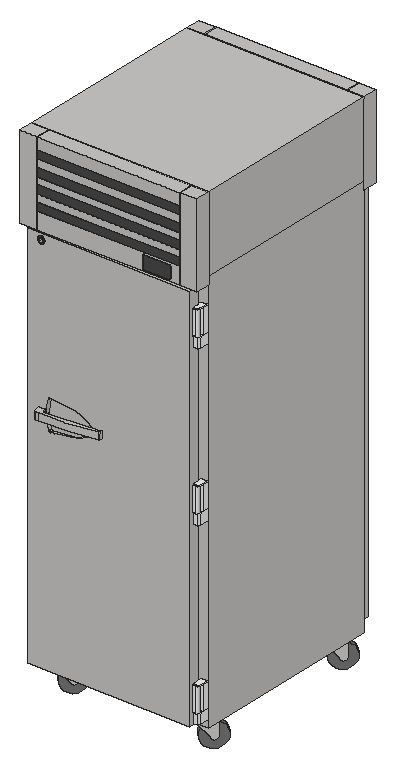
Revit family "QF_Turbo Air_PRO-26R-PT", category Specialty Equipment, Revit 2014
Parameters
  Width = 2' - 4 3/4"  # constant formula
  Weight in Pounds = 355
  Watermarked By = ""
  Volts = 115 V
  URL Cutsheet = ""
  URL = "www.turboairinc.com"
  Status [instance] = ""
  Specification by User [instance] = ""
  Specification by Manufacturer [instance] = ""
  Serial Number [instance] = ""
  Revision Code [instance] = ""
  Phase = 1
  Overall Height [instance] = Box Height + CasterLeg Height  # 6' - 11"
  Number of Poles [instance] = 1
  NAFEM Spec ID Number [instance] = ""
  Model = "PRO-26R-PT"
  Masterspec [instance] = ""
  Manufacturer = "Turbo Air"  # constant formula
  Door Height = 5' - 3 1/4"  # constant formula
  Description = "Refrigerator, Pass-Thru"
  Assembly Code = "E1090320"
  6 inch Legs [instance] = no
  Item Number [instance] = "-"
  Installed By [instance] = ""
  HP = "1/3"
  Furnished By [instance] = ""
  Foodservice Equipment Identifier = yes
  FL Amps = 5.2 A
  Electrical Remarks [instance] = ""
  Electric Connection Type = ""
  Elec Conn RI Height [instance] = 0' - 0"
  Elec Conn Connection Height = 6' - 4 7/8"
  Cycle = 60 Hz
  Conn Plug = "NEMA 5-15P"
  Casters [instance] = not([6 inch Legs])  # yes
  CasterLeg Height [instance] = if(or([5 inch Casters], [6 inch Legs]), 0' 6", 0' 5")  # 0' - 5"
  CSI MasterFormat = "11 41 13"
  Box Height = 6' - 6"  # constant formula
  Apparent Power = if(Phase = 3, Volts * FL Amps * 1.73, Volts * FL Amps)  # 598 VA
  5 inch Casters [instance] = no
Reference planes (in)
  plane 1 "Box Back": y = 0
  plane 2: z = 0
  plane 3 "LEFT": x = -16.56573
  plane 4 "RIGHT": x = 12.18427
  plane 5 "FRONT": y = -33.875
  plane 6 "Box Front": y = -31.5
  plane 7 "Door Clearance": y = -60.875
  plane 8 "TOP": z = 83
  plane 9 "Box Bottom": z = 5
  plane 10 "Door Bottom": z = 5.875
  plane 11 "Door Top": z = 69.125
  plane 12 "Inside Left": x = -14.56573
  plane 13 "Inside Right": x = 10.18427
  plane 14 "Inside Back": y = -2
  plane 15 "Inside Front": y = -29.5
  plane 16 "Inside Top": z = 70.75
  plane 17 "Center LR": x = -2.19073
  plane 18 "Cowl Bottom": z = 69.5
  plane 19 "Door Left Hinge": x = -15.31573
  plane 20 "Door Right Hinge": x = 10.93427
  plane 21 "BACK": y = 2.375
  plane 22 "Center FB": y = -15.75
Forms (in)
  Extrusion 1, solid, material "QF_Stainless-Polished"
    sketch origin (0, 0, 5) x (0, 1, 0) y (-1, 0, 0)
      loop
        line (-31.5, 16.56573) -> (-31.5, 13.81573) -> (-29.5, 13.81573) -> (-29.5, 14.56573) -> (-2, 14.56573) -> (-2, 13.81573) -> (0, 13.81573) -> (0, 16.56573) -> (-31.5, 16.56573)
      loop
        line (-2, -10.18427) -> (-29.5, -10.18427) -> (-29.5, -9.43427) -> (-31.5, -9.43427) -> (-31.5, -12.18427) -> (0, -12.18427) -> (0, -9.43427) -> (-2, -9.43427) -> (-2, -10.18427)
    from 0 to 65.75
  Extrusion 2, solid, material "QF_Stainless-Polished"
    sketch origin (-14.56573, 0, 0) x (0, 1, 0) y (0, 0, 1)
      loop
        line (-29.5, 7.75) -> (-29.5, 5) -> (-2, 5) -> (-2, 7.75) -> (-29.5, 7.75)
      loop
        line (-29.5, 70.75) -> (-29.5, 69.375) -> (-2, 69.375) -> (-2, 70.75) -> (-29.5, 70.75)
    from 0 to 24.75
  Extrusion 3, solid, material "QF_Stainless-Polished"
    sketch origin (-14.56573, 0, 0) x (0, 1, 0) y (0, 0, 1)
      loop
        line (-29.5, 5) -> (-29.5, 8.25) -> (-31.5, 8.25) -> (-31.5, 5) -> (-29.5, 5)
      loop
        line (-31.5, 70.75) -> (-31.5, 67) -> (-29.5, 67) -> (-29.5, 70.75) -> (-31.5, 70.75)
    from 0.75 to 24
  Extrusion 4, solid, material "QF_Stainless-Polished"
    sketch origin (0, 0, 83) x (0, 1, 0) y (-1, 0, 0)
      loop
        line (0, 16.56573) -> (-31.5, 16.56573) -> (-31.5, -12.18427) -> (0, -12.18427) -> (0, 16.56573)
    from 0 to -12.25
  Extrusion 5, solid, material "QF_Plastic-Black-Fine Textured"
    sketch origin (0, -31.5, 0) x (1, 0, 0) y (0, 0, 1)
      loop
        line (-14.31573, 67.75) -> (-14.31573, 7.25) -> (9.93427, 7.25) -> (9.93427, 67.75) -> (-14.31573, 67.75)
      loop
        line (-14.56573, 7) -> (10.18427, 7) -> (10.18427, 68) -> (-14.56573, 68) -> (-14.56573, 7)
    from 0 to 0.625
  Extrusion 6, solid, material "QF_Stainless-Polished"
    sketch origin (0, -31.5, 0) x (1, 0, 0) y (0, 0, 1)
      loop
        line (-16.56573, 83) -> (-16.56573, 69.5) -> (-13.75323, 69.5) -> (-13.75323, 83) -> (-16.56573, 83)
      loop
        line (12.18427, 83) -> (9.37177, 83) -> (9.37177, 69.5) -> (12.18427, 69.5) -> (12.18427, 83)
    from 0 to 2.375
  Extrusion 7, solid, material "QF_Stainless-Polished"
    sketch origin (0, -31.5, 0) x (1, 0, 0) y (0, 0, 1)
      loop
        line (-13.75323, 83) -> (-13.75323, 81) -> (9.37177, 81) -> (9.37177, 83) -> (-13.75323, 83)
      loop
        line (-13.75323, 69.5) -> (9.37177, 69.5) -> (9.37177, 72.25) -> (-13.75323, 72.25) -> (-13.75323, 69.5)
      loop
        arc (7.87177, 71.75) -> (7.81686, 71.88258) -> (7.68427, 71.9375) r 0.1875
        line (7.68427, 71.9375) -> (3.55927, 71.9375)
        arc (3.55927, 71.9375) -> (3.42669, 71.88258) -> (3.37177, 71.75) r 0.1875
        line (3.37177, 71.75) -> (3.37177, 69.9375)
        arc (3.37177, 69.9375) -> (3.42669, 69.80492) -> (3.55927, 69.75) r 0.1875
        line (3.55927, 69.75) -> (7.68427, 69.75)
        arc (7.68427, 69.75) -> (7.81686, 69.80492) -> (7.87177, 69.9375) r 0.1875
        line (7.87177, 69.9375) -> (7.87177, 71.75)
    from 0 to 2.375
  Extrusion 8, solid, material "QF_Stainless-Polished"
    sketch origin (0, -31.5, 0) x (1, 0, 0) y (0, 0, 1)
      loop
        line (-13.75323, 79.6875) -> (-13.75323, 78.5625) -> (9.37177, 78.5625) -> (9.37177, 79.6875) -> (-13.75323, 79.6875)
      loop
        line (9.37177, 77.1875) -> (-13.75323, 77.1875) -> (-13.75323, 76.0625) -> (9.37177, 76.0625) -> (9.37177, 77.1875)
      loop
        line (9.37177, 74.6875) -> (-13.75323, 74.6875) -> (-13.75323, 73.5625) -> (9.37177, 73.5625) -> (9.37177, 74.6875)
    from 0 to 2.375
  Extrusion 9, solid, material "QF_Plastic-Black-Fine Textured"
    sketch origin (0, -31.5, 0) x (1, 0, 0) y (0, 0, 1)
      loop
        line (-13.75323, 81) -> (-13.75323, 79.6875) -> (9.37177, 79.6875) -> (9.37177, 81) -> (-13.75323, 81)
      loop
        line (-13.75323, 78.5625) -> (-13.75323, 77.1875) -> (9.37177, 77.1875) -> (9.37177, 78.5625) -> (-13.75323, 78.5625)
      loop
        line (-13.75323, 76.0625) -> (-13.75323, 74.6875) -> (9.37177, 74.6875) -> (9.37177, 76.0625) -> (-13.75323, 76.0625)
      loop
        line (-13.75323, 73.5625) -> (-13.75323, 72.25) -> (9.37177, 72.25) -> (9.37177, 73.5625) -> (-13.75323, 73.5625)
    from 0 to 2.375
  Extrusion 10, solid, material "QF_Plastic-Black-Fine Textured"
    sketch origin (0, -31.5, 0) x (1, 0, 0) y (0, 0, 1)
      loop
        arc (3.55927, 71.9375) -> (3.42669, 71.88258) -> (3.37177, 71.75) r 0.1875
        line (3.37177, 71.75) -> (3.37177, 69.9375)
        arc (3.37177, 69.9375) -> (3.42669, 69.80492) -> (3.55927, 69.75) r 0.1875
        line (3.55927, 69.75) -> (7.68427, 69.75)
        arc (7.68427, 69.75) -> (7.81686, 69.80492) -> (7.87177, 69.9375) r 0.1875
        line (7.87177, 69.9375) -> (7.87177, 71.75)
        arc (7.87177, 71.75) -> (7.81686, 71.88258) -> (7.68427, 71.9375) r 0.1875
        line (7.68427, 71.9375) -> (3.55927, 71.9375)
    from 0 to 2.375
  Extrusion 11, solid, material "QF_Clearance", detail levels coarse+medium
    sketch origin (0, 0, 5.875) x (0, 1, 0) y (-1, 0, 0)
      loop
        arc (-33.875, 16.56573) -> (-53.29595, 7.75127) -> (-60.875, -12.18427) r 28
        line (-60.875, -12.18427) -> (-33.875, -12.18427) -> (-33.875, 16.56573)
    from 0 to 63.25
  Extrusion 12, solid, material "QF_Stainless-Polished"
    sketch origin (0, -2, 0) x (1, 0, 0) y (0, 0, 1)
      loop
        line (10.18427, 69.375) -> (-11.50323, 69.375) -> (-11.50323, 68.125) -> (-1.06573, 68.125) -> (8.93427, 65.625) -> (10.18427, 65.625) -> (10.18427, 69.375)
    from 0 to 27.5
  Extrusion 13, solid, material "QF_Stainless-Polished"
    sketch origin (0, -15.75, 0) x (-1, 0, 0) y (0, 0, 1)
      loop
        line (-8.93427, 65.625) -> (-10.18427, 65.625) -> (-10.18427, 28.875) -> (-8.93427, 28.875) -> (-8.93427, 65.625)
    from 0.25 to -0.25
  Extrusion 14, solid, material "QF_Stainless-Polished"
    sketch origin (0, 0, 0) x (1, 0, 0) y (0, 0, 1)
      loop
        line (-16.56573, 83) -> (-16.56573, 69.5) -> (-13.75323, 69.5) -> (-13.75323, 83) -> (-16.56573, 83)
      loop
        line (12.18427, 83) -> (9.37177, 83) -> (9.37177, 69.5) -> (12.18427, 69.5) -> (12.18427, 83)
    from 0 to -2.375
  Extrusion 15, solid, material "QF_Plastic-Black-Fine Textured"
    sketch origin (0, 0, 0) x (1, 0, 0) y (0, 0, 1)
      loop
        line (-13.75323, 81) -> (-13.75323, 79.6875) -> (9.37177, 79.6875) -> (9.37177, 81) -> (-13.75323, 81)
      loop
        line (-13.75323, 78.5625) -> (-13.75323, 77.1875) -> (9.37177, 77.1875) -> (9.37177, 78.5625) -> (-13.75323, 78.5625)
      loop
        line (-13.75323, 76.0625) -> (-13.75323, 74.6875) -> (9.37177, 74.6875) -> (9.37177, 76.0625) -> (-13.75323, 76.0625)
      loop
        line (-13.75323, 73.5625) -> (-13.75323, 72.25) -> (9.37177, 72.25) -> (9.37177, 73.5625) -> (-13.75323, 73.5625)
    from 0 to -2.375
  Extrusion 16, solid, material "QF_Plastic-Black-Fine Textured"
    sketch origin (0, 0, 0) x (1, 0, 0) y (0, 0, 1)
      loop
        arc (3.55927, 71.9375) -> (3.42669, 71.88258) -> (3.37177, 71.75) r 0.1875
        line (3.37177, 71.75) -> (3.37177, 69.9375)
        arc (3.37177, 69.9375) -> (3.42669, 69.80492) -> (3.55927, 69.75) r 0.1875
        line (3.55927, 69.75) -> (7.68427, 69.75)
        arc (7.68427, 69.75) -> (7.81686, 69.80492) -> (7.87177, 69.9375) r 0.1875
        line (7.87177, 69.9375) -> (7.87177, 71.75)
        arc (7.87177, 71.75) -> (7.81686, 71.88258) -> (7.68427, 71.9375) r 0.1875
        line (7.68427, 71.9375) -> (3.55927, 71.9375)
    from 0 to -2.375
  Extrusion 17, solid, material "QF_Stainless-Polished"
    sketch origin (-14.56573, -31.5, 0) x (0, -1, 0) y (0, 0, -1)
      loop
        line (-29.5, -5) -> (-31.5, -5) -> (-31.5, -8.25) -> (-29.5, -8.25) -> (-29.5, -5)
      loop
        line (-31.5, -70.75) -> (-29.5, -70.75) -> (-29.5, -67) -> (-31.5, -67) -> (-31.5, -70.75)
    from 0.75 to 24
  Extrusion 18, solid, material "QF_Stainless-Polished"
    sketch origin (0, 0, 0) x (1, 0, 0) y (0, 0, 1)
      loop
        line (9.37177, 83) -> (-13.75323, 83) -> (-13.75323, 81) -> (9.37177, 81) -> (9.37177, 83)
      loop
        line (9.37177, 72.25) -> (-13.75323, 72.25) -> (-13.75323, 69.5) -> (9.37177, 69.5) -> (9.37177, 72.25)
      loop
        line (7.87177, 69.9375) -> (7.87177, 71.75)
        arc (7.87177, 71.75) -> (7.81686, 71.88258) -> (7.68427, 71.9375) r 0.1875
        line (7.68427, 71.9375) -> (3.55927, 71.9375)
        arc (3.55927, 71.9375) -> (3.42669, 71.88258) -> (3.37177, 71.75) r 0.1875
        line (3.37177, 71.75) -> (3.37177, 69.9375)
        arc (3.37177, 69.9375) -> (3.42669, 69.80492) -> (3.55927, 69.75) r 0.1875
        line (3.55927, 69.75) -> (7.68427, 69.75)
        arc (7.68427, 69.75) -> (7.81686, 69.80492) -> (7.87177, 69.9375) r 0.1875
    from 0 to -2.375
  Extrusion 19, solid, material "QF_Clearance", detail levels coarse+medium
    sketch origin (-4.38145, -31.5, 5.875) x (0, -1, 0) y (1, 0, 0)
      loop
        arc (-33.875, 16.56573) -> (-53.29595, 7.75127) -> (-60.875, -12.18427) r 28
        line (-60.875, -12.18427) -> (-33.875, -12.18427) -> (-33.875, 16.56573)
    from 0 to 63.25
  Extrusion 20, solid, material "QF_Plastic-Black-Fine Textured"
    sketch origin (0, 0, 0) x (1, 0, 0) y (0, 0, 1)
      loop
        line (10.18427, 68) -> (-14.56573, 68) -> (-14.56573, 7) -> (10.18427, 7) -> (10.18427, 68)
      loop
        line (-14.31573, 67.75) -> (-14.31573, 7.25) -> (9.93427, 7.25) -> (9.93427, 67.75) -> (-14.31573, 67.75)
    from 0 to -0.625
  Extrusion 21, solid, material "QF_Stainless-Polished"
    sketch origin (0, 0, 0) x (1, 0, 0) y (0, 0, 1)
      loop
        line (9.37177, 79.6875) -> (-13.75323, 79.6875) -> (-13.75323, 78.5625) -> (9.37177, 78.5625) -> (9.37177, 79.6875)
      loop
        line (9.37177, 77.1875) -> (-13.75323, 77.1875) -> (-13.75323, 76.0625) -> (9.37177, 76.0625) -> (9.37177, 77.1875)
      loop
        line (9.37177, 74.6875) -> (-13.75323, 74.6875) -> (-13.75323, 73.5625) -> (9.37177, 73.5625) -> (9.37177, 74.6875)
    from 0 to -2.375
Lines and regions (in)
  symbolic lines
    curve 1: line (-16.56573, 2.375, 83) -> (12.18427, 2.375, 83)
    curve 2: line (-16.56573, -33.875, 83) -> (-16.56573, 2.375, 83)
    curve 3: line (12.18427, -33.875, 83) -> (-16.56573, -33.875, 83)
    curve 4: line (12.18427, 2.375, 83) -> (12.18427, -33.875, 83)
  symbolic lines, style "QF_Clearances_Door_Drawer", detail levels coarse+medium
    curve 5: arc (-16.56573, -33.875, 5.875) -> (-7.75127, -53.29595, 5.875) -> (12.18427, -60.875, 5.875) r 28
    curve 6: line (12.18427, -60.875, 5.875) -> (12.18427, -33.875, 5.875)
    curve 7: line (-16.56573, 29.375, 5.875) -> (-16.56573, 2.375, 5.875)
    curve 8: arc (12.18427, 2.375, 5.875) -> (3.36982, 21.79595, 5.875) -> (-16.56573, 29.375, 5.875) r 28
Dimensions and locks (in)
  "Width": plane 4 "RIGHT" to plane 3 "LEFT"
  plane 5 "FRONT" to plane 6 "Box Front" = 0' - 2 3/8"
  locked: plane 7 "Door Clearance" to plane 5 "FRONT" at 27
  "CasterLeg Height": plane 9 "Box Bottom" to level
  locked: plane 10 "Door Bottom" to plane 9 "Box Bottom" at 0.875
  "Box Height": plane 8 "TOP" to plane 9 "Box Bottom"
  locked: plane 8 "TOP" to plane 11 "Door Top" at 13.875
  locked: plane 3 "LEFT" to plane 12 "Inside Left" at 2
  locked: plane 13 "Inside Right" to plane 4 "RIGHT" at 2
  locked: plane 14 "Inside Back" to plane 1 "Box Back" at 2
  plane 6 "Box Front" to plane 15 "Inside Front" = 0' - 2"
  locked: plane 12 "Inside Left" to Extrusion 1 sketch curve at 0.75
  locked: Extrusion 1 sketch curve to plane 13 "Inside Right" at 0.75
  locked: plane 8 "TOP" to plane 16 "Inside Top" at 12.25
  locked: plane 9 "Box Bottom" to Extrusion 2 sketch curve at 2.75
  locked: Extrusion 3 sketch curve to plane 9 "Box Bottom" at 3.25
  locked: plane 16 "Inside Top" to Extrusion 2 sketch curve at 1.375
  locked: Extrusion 3 sketch curve to plane 16 "Inside Top" at 3.75
  equal spacing: plane 3 "LEFT", plane 17 "Center LR", plane 4 "RIGHT"
  locked: Extrusion 5 sketch curve to Extrusion 5 sketch curve at 0.25  (x4)
  locked: Extrusion 5 sketch curve to plane 3 "LEFT" at 2
  locked: Extrusion 5 sketch curve to plane 4 "RIGHT" at 2
  locked: plane 11 "Door Top" to Extrusion 5 sketch curve at 1.125
  locked: Extrusion 5 sketch curve to plane 10 "Door Bottom" at 1.125
  locked: plane 18 "Cowl Bottom" to plane 11 "Door Top" at 0.375
  locked: plane 3 "LEFT" to nested 1 at 3
  locked: nested 1 to plane 1 "Box Back" at 2.5
  locked: plane 3 "LEFT" to nested 2 at 3
  locked: plane 6 "Box Front" to nested 2 at 2.8125
  locked: nested 3 to plane 4 "RIGHT" at 3
  locked: nested 3 to plane 1 "Box Back" at 2.5
  locked: nested 4 to plane 4 "RIGHT" at 3
  locked: plane 6 "Box Front" to nested 4 at 2.8125
  locked: plane 3 "LEFT" to Extrusion 6 sketch curve at 2.8125
  locked: Extrusion 6 sketch curve to plane 4 "RIGHT" at 2.8125
  locked: Extrusion 7 sketch curve to plane 3 "LEFT" at 2.8125  (x2)
  locked: plane 8 "TOP" to Extrusion 7 sketch curve at 2
  locked: Extrusion 7 sketch curve to plane 4 "RIGHT" at 2.8125  (x2)
  locked: Extrusion 7 sketch curve to plane 18 "Cowl Bottom" at 2.75
  locked: Extrusion 7 sketch curve to Extrusion 7 sketch curve at 4.5
  locked: Extrusion 7 sketch curve to plane 4 "RIGHT" at 4.3125
  locked: Extrusion 7 sketch curve to Extrusion 7 sketch curve at 2.1875
  locked: Extrusion 7 sketch curve to Extrusion 7 sketch curve at 0.3125
  locked: Extrusion 8 sketch curve to plane 3 "LEFT" at 2.8125  (x3)
  locked: Extrusion 8 sketch curve to plane 4 "RIGHT" at 2.8125  (x3)
  locked: plane 8 "TOP" to Extrusion 8 sketch curve at 3.3125
  locked: Extrusion 8 sketch curve to Extrusion 8 sketch curve at 1.125  (x3)
  locked: Extrusion 8 sketch curve to Extrusion 8 sketch curve at 1.375  (x2)
  locked: plane 3 "LEFT" to plane 19 "Door Left Hinge" at 1.25
  locked: plane 20 "Door Right Hinge" to plane 4 "RIGHT" at 1.25
  locked: plane 6 "Box Front" to plane 1 "Box Back" at 31.5
  locked: plane 1 "Box Back" to plane 21 "BACK" at 2.375
  locked: Extrusion 12 sketch curve to Extrusion 12 sketch curve at 1.25
  locked: Extrusion 12 sketch curve to Extrusion 12 sketch curve at 3.75
  locked: Extrusion 13 sketch curve to Extrusion 13 sketch curve at 36.75
  equal spacing: plane 6 "Box Front", plane 22 "Center FB", plane 1 "Box Back"
  locked: plane 4 "RIGHT" to Extrusion 14 sketch curve at 2.8125
  locked: Extrusion 14 sketch curve to plane 3 "LEFT" at 2.8125
  locked: Extrusion 15 sketch curve to plane 8 "TOP" at 2
  locked: Extrusion 15 sketch curve to Extrusion 15 sketch curve at 1.3125  (x2)
  locked: Extrusion 15 sketch curve to Extrusion 15 sketch curve at 1.125  (x3)
  locked: Extrusion 15 sketch curve to Extrusion 15 sketch curve at 1.375  (x2)
  locked: plane 4 "RIGHT" to Extrusion 15 sketch curve at 2.8125  (x4)
  locked: plane 3 "LEFT" to Extrusion 15 sketch curve at 2.8125  (x4)
  locked: Extrusion 16 sketch curve to Extrusion 16 sketch curve at 2.1875
  locked: plane 18 "Cowl Bottom" to Extrusion 16 sketch curve at 0.25
  locked: plane 4 "RIGHT" to Extrusion 16 sketch curve at 4.3125
  locked: Extrusion 16 sketch curve to Extrusion 16 sketch curve at 4.5
  locked: plane 3 "LEFT" to Extrusion 1 sketch curve at 2.75
  locked: Extrusion 1 sketch curve to plane 4 "RIGHT" at 2.75
  locked: plane 16 "Inside Top" to Extrusion 17 sketch curve at 3.75
  locked: Extrusion 17 sketch curve to plane 9 "Box Bottom" at 3.25
  locked: Extrusion 18 sketch curve to plane 4 "RIGHT" at 2.8125  (x2)
  locked: Extrusion 18 sketch curve to plane 3 "LEFT" at 2.8125  (x2)
  locked: Extrusion 18 sketch curve to plane 8 "TOP" at 2
  locked: plane 18 "Cowl Bottom" to Extrusion 18 sketch curve at 2.75
  locked: Extrusion 18 sketch curve to Extrusion 18 sketch curve at 2.1875
  locked: plane 18 "Cowl Bottom" to Extrusion 18 sketch curve at 0.25
  locked: Extrusion 18 sketch curve to Extrusion 18 sketch curve at 4.5
  locked: Extrusion 18 sketch curve to plane 4 "RIGHT" at 4.3125
  locked: Extrusion 20 sketch curve to Extrusion 20 sketch curve at 0.25  (x4)
  locked: plane 20 "Door Right Hinge" to Extrusion 20 sketch curve at 0.75
  locked: Extrusion 20 sketch curve to plane 19 "Door Left Hinge" at 0.75
  locked: Extrusion 20 sketch curve to plane 11 "Door Top" at 1.125
  locked: plane 10 "Door Bottom" to Extrusion 20 sketch curve at 1.125
  locked: Extrusion 21 sketch curve to plane 4 "RIGHT" at 2.8125  (x3)
  locked: Extrusion 21 sketch curve to plane 8 "TOP" at 3.3125
  locked: Extrusion 21 sketch curve to Extrusion 21 sketch curve at 1.125  (x3)
  locked: Extrusion 21 sketch curve to Extrusion 21 sketch curve at 1.375  (x2)
  locked: Extrusion 21 sketch curve to plane 3 "LEFT" at 2.8125  (x3)
  aligned and locked: level to plane 2
  aligned and locked: Extrusion 1 sketch curve to plane 3 "LEFT"
  aligned and locked: plane 12 "Inside Left" to Extrusion 1 sketch curve
  aligned and locked: Extrusion 1 sketch curve to plane 13 "Inside Right"
  aligned and locked: plane 4 "RIGHT" to Extrusion 1 sketch curve
  aligned and locked: plane 14 "Inside Back" to Extrusion 1 sketch curve  (x2)
  aligned and locked: Extrusion 1 sketch curve to plane 1 "Box Back"  (x2)
  aligned and locked: Extrusion 1 sketch curve to plane 15 "Inside Front"  (x2)
  aligned and locked: plane 6 "Box Front" to Extrusion 1 sketch curve  (x2)
  aligned and locked: plane 16 "Inside Top" to Extrusion 1
  aligned and locked: plane 9 "Box Bottom" to Extrusion 2 sketch curve
  aligned and locked: plane 15 "Inside Front" to Extrusion 2 sketch curve
  aligned and locked: plane 14 "Inside Back" to Extrusion 2 sketch curve  (x2)
  aligned and locked: plane 13 "Inside Right" to Extrusion 2
  aligned and locked: plane 6 "Box Front" to Extrusion 3 sketch curve  (x2)
  aligned and locked: Extrusion 3 sketch curve to plane 9 "Box Bottom"
  aligned and locked: Extrusion 3 sketch curve to plane 15 "Inside Front"  (x2)
  aligned and locked: Extrusion 3 to Extrusion 1  (x2)
  aligned and locked: Extrusion 2 sketch curve to plane 16 "Inside Top"
  aligned and locked: Extrusion 2 sketch curve to plane 15 "Inside Front"
  aligned and locked: plane 16 "Inside Top" to Extrusion 3 sketch curve
  aligned and locked: plane 1 "Box Back" to Extrusion 4 sketch curve
  aligned and locked: plane 3 "LEFT" to Extrusion 4 sketch curve
  aligned and locked: Extrusion 4 sketch curve to plane 6 "Box Front"
  aligned and locked: Extrusion 4 sketch curve to plane 4 "RIGHT"
  aligned and locked: Extrusion 4 to plane 16 "Inside Top"
  aligned and locked: plane 5 "FRONT" to Extrusion 6
  aligned and locked: plane 3 "LEFT" to curve 2
  aligned and locked: curve 3 to plane 5 "FRONT"
  aligned and locked: curve 4 to plane 4 "RIGHT"
  aligned and locked: plane 18 "Cowl Bottom" to Extrusion 6 sketch curve
  aligned and locked: plane 3 "LEFT" to Extrusion 6 sketch curve
  aligned and locked: Extrusion 6 sketch curve to plane 8 "TOP"
  aligned and locked: plane 8 "TOP" to Extrusion 6 sketch curve
  aligned and locked: plane 4 "RIGHT" to Extrusion 6 sketch curve
  aligned and locked: Extrusion 6 sketch curve to plane 18 "Cowl Bottom"
  aligned and locked: Extrusion 7 sketch curve to plane 8 "TOP"
  aligned and locked: plane 18 "Cowl Bottom" to Extrusion 7 sketch curve
  aligned and locked: plane 5 "FRONT" to Extrusion 7
  aligned and locked: plane 5 "FRONT" to Extrusion 8
  aligned and locked: Extrusion 9 sketch curve to Extrusion 7  (x4)
  aligned and locked: Extrusion 9 sketch curve to Extrusion 8  (x12)
  aligned and locked: plane 5 "FRONT" to Extrusion 9
  aligned and locked: Extrusion 10 sketch curve to Extrusion 7  (x4)
  aligned and locked: plane 5 "FRONT" to Extrusion 10
  aligned and locked: plane 6 "Box Front" to nested 5
  aligned and locked: plane 19 "Door Left Hinge" to nested 5
  aligned and locked: nested 5 to plane 10 "Door Bottom"
  aligned and locked: plane 11 "Door Top" to nested 5
  aligned and locked: plane 11 "Door Top" to Extrusion 11
  aligned and locked: plane 15 "Inside Front" to Extrusion 12
  aligned and locked: Extrusion 14 sketch curve to plane 8 "TOP"
  aligned and locked: Extrusion 14 sketch curve to plane 4 "RIGHT"
  aligned and locked: plane 18 "Cowl Bottom" to Extrusion 14 sketch curve
  aligned and locked: Extrusion 14 sketch curve to plane 18 "Cowl Bottom"
  aligned and locked: Extrusion 14 sketch curve to plane 3 "LEFT"
  aligned and locked: plane 8 "TOP" to Extrusion 14 sketch curve
  aligned and locked: Extrusion 14 to plane 21 "BACK"
  aligned and locked: Extrusion 15 to plane 21 "BACK"
  aligned and locked: Extrusion 16 to plane 21 "BACK"
  aligned and locked: Extrusion 17 to Extrusion 1
  aligned and locked: plane 16 "Inside Top" to Extrusion 17 sketch curve
  aligned and locked: plane 14 "Inside Back" to Extrusion 17 sketch curve  (x2)
  aligned and locked: Extrusion 17 sketch curve to plane 1 "Box Back"  (x2)
  aligned and locked: Extrusion 17 sketch curve to plane 9 "Box Bottom"
  aligned and locked: Extrusion 18 sketch curve to plane 8 "TOP"
  aligned and locked: plane 18 "Cowl Bottom" to Extrusion 18 sketch curve
  aligned and locked: Extrusion 18 to plane 21 "BACK"
  aligned and locked: nested 6 to plane 10 "Door Bottom"
  aligned and locked: nested 6 to plane 3 "LEFT"
  aligned and locked: Extrusion 21 to plane 21 "BACK"
  aligned and locked: plane 21 "BACK" to curve 1
Automatic sketch dimensions
  curve 5 to plane 4 "RIGHT" = 0' - 0"
  plane 7 "Door Clearance" to curve 5 = 0' - 0"
  curve 5 to plane 3 "LEFT" = 0' - 0"
  plane 5 "FRONT" to curve 5 = 0' - 0"
  plane 5 "FRONT" to curve 6 = 0' - 0"
  plane 20 "Door Right Hinge" to curve 5 = 0' - 0.48251"
  Extrusion 7 sketch curve to Extrusion 7 sketch curve = 0' - 0 3/16"  (x4)
  Extrusion 11 sketch curve to plane 4 "RIGHT" = 0' - 0"
  plane 7 "Door Clearance" to Extrusion 11 sketch curve = 0' - 0"
  Extrusion 11 sketch curve to plane 3 "LEFT" = 0' - 0"
  plane 5 "FRONT" to Extrusion 11 sketch curve = 0' - 0"
  plane 20 "Door Right Hinge" to Extrusion 11 sketch curve = 0' - 0.48251"
  Extrusion 12 sketch curve to plane 13 "Inside Right" = 0' - 0"
  Extrusion 12 sketch curve to plane 13 "Inside Right" = 0' - 1 1/4"
  plane 17 "Center LR" to Extrusion 12 sketch curve = 0' - 1 1/8"
  Extrusion 12 sketch curve to plane 11 "Door Top" = 0' - 1"
  plane 12 "Inside Left" to Extrusion 12 sketch curve = 0' - 3 1/16"
  Extrusion 13 sketch curve to plane 13 "Inside Right" = 0' - 0"
  Extrusion 13 sketch curve to Extrusion 13 sketch curve = 0' - 1 1/4"
  plane 10 "Door Bottom" to Extrusion 13 sketch curve = 1' - 11"
  Extrusion 16 sketch curve to Extrusion 16 sketch curve = 0' - 0 3/16"  (x4)
  Extrusion 18 sketch curve to Extrusion 18 sketch curve = 0' - 0 3/16"  (x4)
  Extrusion 19 sketch curve to plane 3 "LEFT" = 0' - 0"
  Extrusion 19 sketch curve to plane 4 "RIGHT" = 0' - 0"
  plane 21 "BACK" to Extrusion 19 sketch curve = 0' - 0"
  Extrusion 19 sketch curve to plane 21 "BACK" = 2' - 3"
  Extrusion 19 sketch curve to plane 19 "Door Left Hinge" = 0' - 0.48251"
  curve 7 to plane 3 "LEFT" = 0' - 0"
  plane 21 "BACK" to curve 7 = 0' - 0"
  curve 8 to plane 4 "RIGHT" = 0' - 0"
  plane 21 "BACK" to curve 8 = 0' - 0"
  plane 21 "BACK" to curve 8 = 0' - 0.98948"
  curve 7 to plane 21 "BACK" = 2' - 3"
Nested families (in)
  nested 1: "FESCasterLeg" at (-13.56573, -2.5, 0), Casters <- "Casters", Legs <- "6 inch Legs", Height <- "CasterLeg Height", type "FESCasterLeg"
    with Legs no, Height 0' - 5", Casters yes, Caster Radius 0' - 2"
  nested 2: "FESCasterLeg" at (-13.56573, -28.6875, 0), Casters <- "Casters", Legs <- "6 inch Legs", Height <- "CasterLeg Height", type "FESCasterLeg"
    with Legs no, Height 0' - 5", Casters yes, Caster Radius 0' - 2"
  nested 3: "FESCasterLeg" at (9.18427, -2.5, 0), Casters <- "Casters", Legs <- "6 inch Legs", Height <- "CasterLeg Height", type "FESCasterLeg"
    with Legs no, Height 0' - 5", Casters yes, Caster Radius 0' - 2"
  nested 4: "FESCasterLeg" at (9.18427, -28.6875, 0), Casters <- "Casters", Legs <- "6 inch Legs", Height <- "CasterLeg Height", type "FESCasterLeg"
    with Legs no, Height 0' - 5", Casters yes, Caster Radius 0' - 2"
  nested 5: "QF_Turbo Air_RI-Solid Door" at (1.25, -32.125, 5.875), Height <- "Door Height", type "QF_Turbo Air_RI-Solid Door"
    with Width 2' - 2 1/4", Symbolic Lines Handle yes, Symbolic Lines no, Height 5' - 3 1/4", Handle From Top 2' - 1 7/8", Center Hinge yes
  nested 6: "QF_Turbo Air_RI-Solid Door" at (-5.63145, 0.625, 5.875) x (-1, 0, 0) z (0, 0, 1), Height <- "Door Height", type "QF_Turbo Air_RI-Solid Door"
    with Width 2' - 2 1/4", Symbolic Lines Handle yes, Symbolic Lines no, Height 5' - 3 1/4", Handle From Top 2' - 1 7/8", Center Hinge yes
Connectors (in)
  electrical at (12.18427, -15.75, 76.875), driven by "Number of Poles", driven by "Volts", driven by "Apparent Power"
    settings: on Extrusion 4, index 1, voltage 115 V, apparent load 598 VA, apparent load phase1 0 VA, apparent load phase2 0 VA, apparent load phase3 0 VA, power factor 1, load classification "Other", number of poles 1, system type 30, power factor state 1, is connector primary yes, connector utility no, sub classification motor no, connector description "Electric"
Definition of nested family "FESCasterLeg"
  Parameters
    Watermarked By = "http://revitwatermark.com"
    Type Comments = ""
    Legs [instance] = yes
    Height [instance] = 0' - 6"
    Caster Radius [instance] = if(Height < 0' 3", 0' 1", (Height / 2) - 0' 0 1/2")  # 0' - 2 1/2"
    Casters [instance] = yes
    Assembly Code = ""
  Reference planes (in)
    plane 1 "Center (Front/Back)": y = 0
    plane 2: z = 0
    plane 3 "Center (Left/Right)": x = 0
    plane 4: z = 6
    plane 5: z = 5.5
  Forms (in)
    Extrusion 1, solid, material "QF_Stainless-Polished", visible <- "Casters"
      sketch origin (-24.12131, -22.88887, 10.18833) x (0.707107, 0.707107, 0) y (0, 0, 1)
        loop
          line (34.98772, -7.68833) -> (34.98772, -4.93833) -> (34.48772, -4.93833) -> (34.39402, -4.68833) -> (32.39402, -4.68833) -> (32.39402, -5.43833) -> (33.98772, -7.34206) -> (33.98772, -7.68833)
          arc (33.98772, -7.68833) -> (34.48772, -8.18833) -> (34.98772, -7.68833) r 0.5
      from 0 to 1.75
    Extrusion 2, solid, material "QF_Rubber-Black", visible <- "Casters"
      sketch origin (-24.32327, -23.09083, 13.31461) x (0.707107, 0.707107, 0) y (0, 0, 1)
        loop
          circle (34.77334, -10.81461) r 2.5
      from 0.375 to 1.375
    Extrusion 3, solid, material "QF_Stainless-Polished", visible <- "Casters"
      sketch origin (-7.24148, -8.48391, 0) x (0.707107, 0.707107, 0) y (0, 0, 1)
        loop
          line (10.61603, 5.5) -> (11.61603, 5.5) -> (11.61603, 6) -> (10.61603, 6) -> (10.61603, 5.5)
      from 0 to -1.75
    Blend 4, solid, material "QF_Stainless-Polished", visible <- "Legs"
      base sketch origin (0, 0, 0) x (1, 0, 0) y (0, 1, 0)
        loop
          circle (0, 0) r 0.5
      top sketch origin (0, 0, 0) x (1, 0, 0) y (0, 1, 0)
        loop
          circle (0, 0) r 1
      from 0 to 6 <- "Height"
  Lines and regions (in)
    symbolic lines, style "QF_Details_Undercounter", visible <- "Casters", built-in parameter 1006206 <- "Casters"
      curve 1: line (-1.26158, -0.51911, 0) -> (1.39007, 2.13254, 0)
      curve 2: line (-0.53429, -1.24639, 0) -> (2.11736, 1.40526, 0)
    symbolic lines, style "QF_Details_Undercounter", built-in parameter 1006206 <- "Casters", visible <- "Casters"
      curve 3: line (-1.26158, -0.51911, 0) -> (1.39007, 2.13254, 0)
      curve 4: line (-0.53429, -1.24639, 0) -> (2.11736, 1.40526, 0)
  Dimensions and locks (in)
    locked: plane 4 to plane 5 at 0.5
    "Height": plane 4 to level
    "Caster Radius": Extrusion 2 sketch curve to level
    "Caster Radius": Extrusion 1 sketch curve to level
    "Caster Radius": radius of Extrusion 2 sketch curve
    aligned and locked: plane 2 to level
    aligned: Blend 4 to Extrusion 3
    aligned and locked: plane 4 to Blend 4
    aligned and locked: Extrusion 3 to plane 5
    aligned and locked: plane 4 to Extrusion 3
    aligned and locked: plane 5 to Extrusion 1
  Automatic sketch dimensions
    plane 1 "Center (Front/Back)" to curve 3 = 0' - 0.51911"
    curve 3 to plane 3 "Center (Left/Right)" = 0' - 1.26158"
    plane 1 "Center (Front/Back)" to curve 1 = 0' - 0.51911"
    curve 1 to curve 3 = 0' - 0"  (x3)
    curve 4 to plane 3 "Center (Left/Right)" = 0' - 0.53429"
    curve 2 to curve 4 = 0' - 0"  (x2)
    plane 3 "Center (Left/Right)" to curve 3 = 0' - 1.39007"
    curve 1 to curve 4 = 0' - 0.72729"
    curve 2 to curve 1 = 0' - 0.72729"
    curve 4 to curve 2 = 0' - 0"  (x2)
    curve 2 to plane 1 "Center (Front/Back)" = 0' - 1.40526"
    curve 2 to curve 3 = 0' - 0.72729"
    Extrusion 3 sketch curve to plane 5 = 0' - 0"
    plane 4 to Extrusion 3 sketch curve = 0' - 0"
    Extrusion 3 sketch curve to Extrusion 3 sketch curve = 0' - 1"
    plane 1 "Center (Front/Back)" to Blend 4 sketch curve = 0' - 0"  (x2)
    Blend 4 sketch curve to plane 3 "Center (Left/Right)" = 0' - 0"  (x2)
    Extrusion 1 sketch curve to plane 5 = 0' - 0"
    Extrusion 1 sketch curve to plane 5 = 0' - 2.65373"
    Extrusion 1 sketch curve to Extrusion 1 sketch curve = 0' - 1.5937"
    Extrusion 1 sketch curve to Extrusion 1 sketch curve = 0' - 2"
    Extrusion 1 sketch curve to Extrusion 1 sketch curve = 0' - 0.0937"
    Extrusion 1 sketch curve to Extrusion 1 sketch curve = 0' - 0 1/2"
    Extrusion 1 sketch curve to plane 5 = 0' - 0 3/4"
    Extrusion 1 sketch curve to plane 5 = 0' - 0 1/4"
    radius of Blend 4 sketch curve = 0' - 0 1/2"
    radius of Blend 4 sketch curve = 0' - 1"
Definition of nested family "QF_Turbo Air_RI-Solid Door"
  Parameters (values of type "QF_Turbo Air_RI-Solid Door")
    Width [instance] = 2' - 2 1/4"
    Watermarked By = ""
    Symbolic Lines Handle [instance] = yes
    Symbolic Lines [instance] = yes
    Height [instance] = 5' - 3 1/4"
    Handle From Top [instance] = 2' - 1 7/8"
    Center Hinge [instance] = yes
  Reference planes (in)
    plane 1 "Door Back": y = 0
    plane 2: z = 0
    plane 3 "LEFT": x = -16.56573
    plane 4 "Door Front": y = -1.75
    plane 5 "Handle Front": y = -3.0625
    plane 6 "Door Right": x = 9.68427
    plane 7 "TOP": z = 63.25
    plane 8 "Handle Elevation": z = 37.375
    plane 9 "Hinge Right": x = 10.93427
    plane 10 "Top Hinge Top": z = 60.75
    plane 11 "Top Hinge Bottom": z = 55
    plane 12: z = 56.625
    plane 13 "Center TB": z = 31.625
    plane 14 "Center Hinge Top": z = 35.0625
    plane 15 "Center Hinge Bottom": z = 29.3125
    plane 16: z = 30.9375
    plane 17 "Bottom Hinge Top": z = 6
    plane 18 "Bottom Hinge Bottom": z = 0.25
    plane 19: z = 1.875
    plane 20 "Hinges Front": y = -1.1875
    plane 21 "Hinges Back": y = 0.625
  Forms (in)
    Extrusion 1, solid, material "QF_Stainless-Polished"
      sketch origin (0, 0, 0) x (1, 0, 0) y (0, 0, 1)
        loop
          line (-16.56573, 63.25) -> (-16.56573, 0) -> (9.68427, 0) -> (9.68427, 63.25) -> (-16.56573, 63.25)
        loop
          arc (-13.15519, 39.61272) -> (-13.41636, 38.50742) -> (-13.50323, 37.375) r 7.3125
          arc (-13.50323, 37.375) -> (-13.41636, 36.24258) -> (-13.15519, 35.13728) r 7.3125
          arc (-13.15519, 35.13728) -> (-13.01711, 34.94724) -> (-12.79306, 34.87662) r 0.375
          arc (-12.79306, 34.87662) -> (-11.04564, 34.98179) -> (-9.31573, 35.25) r 18.6875
          arc (-9.31573, 35.25) -> (-7.55515, 35.84984) -> (-6.00323, 36.875) r 7.30243
          arc (-6.00323, 36.875) -> (-5.85876, 37.375) -> (-6.00323, 37.875) r 0.9375
          arc (-6.00323, 37.875) -> (-7.55515, 38.90016) -> (-9.31573, 39.5) r 7.30243
          arc (-9.31573, 39.5) -> (-11.04564, 39.76821) -> (-12.79306, 39.87338) r 18.6875
          arc (-12.79306, 39.87338) -> (-13.01711, 39.80276) -> (-13.15519, 39.61272) r 0.375
      from 0 to 1.75
    Extrusion 2, solid, material "QF_Stainless-Polished"
      sketch origin (0, 0, 0) x (1, 0, 0) y (0, 0, 1)
        loop
          arc (-13.15519, 39.61272) -> (-13.41636, 38.50742) -> (-13.50323, 37.375) r 7.3125
          arc (-13.50323, 37.375) -> (-13.41636, 36.24258) -> (-13.15519, 35.13728) r 7.3125
          arc (-13.15519, 35.13728) -> (-13.01711, 34.94724) -> (-12.79306, 34.87662) r 0.375
          arc (-12.79306, 34.87662) -> (-11.04564, 34.98179) -> (-9.31573, 35.25) r 18.6875
          arc (-9.31573, 35.25) -> (-7.55515, 35.84984) -> (-6.00323, 36.875) r 7.30243
          arc (-6.00323, 36.875) -> (-5.85876, 37.375) -> (-6.00323, 37.875) r 0.9375
          arc (-6.00323, 37.875) -> (-7.55515, 38.90016) -> (-9.31573, 39.5) r 7.30243
          arc (-9.31573, 39.5) -> (-11.04564, 39.76821) -> (-12.79306, 39.87338) r 18.6875
          arc (-12.79306, 39.87338) -> (-13.01711, 39.80276) -> (-13.15519, 39.61272) r 0.375
      from 0 to 1.25
    Extrusion 3, solid, material "QF_Stainless-Polished"
      sketch origin (0, 0, 37.375) x (0, 1, 0) y (-1, 0, 0)
        loop
          line (-1.75, 14.806) -> (-2.93294, 14.42164)
          arc (-2.93294, 14.42164) -> (-3.02669, 14.35352) -> (-3.0625, 14.24331) r 0.1875
          line (-3.0625, 14.24331) -> (-3.0625, 13.62954)
          arc (-3.0625, 13.62954) -> (-2.88483, 9.14446) -> (-2.21868, 4.70557) r 41.0625
          arc (-2.21868, 4.70557) -> (-2.15347, 4.59812) -> (-2.03505, 4.55599) r 0.1875
          line (-2.03505, 4.55599) -> (-1.75, 4.55599) -> (-1.75, 5.93099) -> (-1.83987, 5.93099)
          arc (-1.83987, 5.93099) -> (-1.96178, 5.97604) -> (-2.02512, 6.08952) r 0.1875
          arc (-2.02512, 6.08952) -> (-2.42253, 9.66014) -> (-2.50243, 13.25191) r 40.5625
          arc (-2.50243, 13.25191) -> (-2.47714, 13.3419) -> (-2.41155, 13.4085) r 0.1875
          line (-2.41155, 13.4085) -> (-1.75, 13.806) -> (-1.75, 14.806)
      from -0.5625 to 0.5625
    Extrusion 4, solid, material "QF_Steel-Chrome Plated"
      sketch origin (0, 0, 0.25) x (0, 1, 0) y (-1, 0, 0)
        loop
          line (0.625, -10.81225) -> (0.625, -9.7438) -> (-0.75, -9.80927) -> (-1.1875, -9.9342) -> (-1.1875, -10.62185) -> (-0.75, -10.74677) -> (0.625, -10.81225)
      from 0 to 1.625
    Extrusion 5, solid, material "QF_Steel-Chrome Plated"
      sketch origin (0, 0, 6) x (0, 1, 0) y (-1, 0, 0)
        loop
          line (-0.5625, -9.68427) -> (-1.1875, -9.68427) -> (-1.1875, -10.27802)
          arc (-1.1875, -10.27802) -> (-0.875, -10.59052) -> (-0.5625, -10.27802) r 0.3125
          line (-0.5625, -10.27802) -> (-0.5625, -9.68427)
      from -0.125 to -4.125
    Extrusion 6, solid, material "QF_Steel-Chrome Plated"
      sketch origin (0, 0, 6) x (0, 1, 0) y (-1, 0, 0)
        loop
          line (0.625, -9.7438) -> (-0.25, -9.78547) -> (-0.25, -10.77058) -> (0.625, -10.81225) -> (0.625, -9.7438)
      from -0.125 to -4.125
    Extrusion 7, solid, material "QF_Steel-Chrome Plated"
      sketch origin (0, 0, 6) x (0, 1, 0) y (-1, 0, 0)
        loop
          line (0.625, -10.81225) -> (0.625, -9.7438) -> (-0.75, -9.80927) -> (-1.1875, -9.9342) -> (-1.1875, -10.62185) -> (-0.75, -10.74677) -> (0.625, -10.81225)
      from 0 to -0.125
    Extrusion 8, solid, material "QF_Steel-Chrome Plated", visible <- "Center Hinge"
      sketch origin (0, 0, 29.3125) x (0, 1, 0) y (-1, 0, 0)
        loop
          line (0.625, -10.81225) -> (0.625, -9.7438) -> (-0.75, -9.80927) -> (-1.1875, -9.9342) -> (-1.1875, -10.62185) -> (-0.75, -10.74677) -> (0.625, -10.81225)
      from 0 to 1.625
    Extrusion 9, solid, material "QF_Steel-Chrome Plated", visible <- "Center Hinge"
      sketch origin (0, 0, 35.0625) x (0, 1, 0) y (-1, 0, 0)
        loop
          line (-0.5625, -9.68427) -> (-1.1875, -9.68427) -> (-1.1875, -10.27802)
          arc (-1.1875, -10.27802) -> (-0.875, -10.59052) -> (-0.5625, -10.27802) r 0.3125
          line (-0.5625, -10.27802) -> (-0.5625, -9.68427)
      from -0.125 to -4.125
    Extrusion 10, solid, material "QF_Steel-Chrome Plated", visible <- "Center Hinge"
      sketch origin (0, 0, 35.0625) x (0, 1, 0) y (-1, 0, 0)
        loop
          line (0.625, -9.7438) -> (-0.25, -9.78547) -> (-0.25, -10.77058) -> (0.625, -10.81225) -> (0.625, -9.7438)
      from -0.125 to -4.125
    Extrusion 11, solid, material "QF_Steel-Chrome Plated", visible <- "Center Hinge"
      sketch origin (0, 0, 35.0625) x (0, 1, 0) y (-1, 0, 0)
        loop
          line (0.625, -10.81225) -> (0.625, -9.7438) -> (-0.75, -9.80927) -> (-1.1875, -9.9342) -> (-1.1875, -10.62185) -> (-0.75, -10.74677) -> (0.625, -10.81225)
      from 0 to -0.125
    Extrusion 12, solid, material "QF_Steel-Chrome Plated"
      sketch origin (0, 0, 55) x (0, 1, 0) y (-1, 0, 0)
        loop
          line (0.625, -10.81225) -> (0.625, -9.7438) -> (-0.75, -9.80927) -> (-1.1875, -9.9342) -> (-1.1875, -10.62185) -> (-0.75, -10.74677) -> (0.625, -10.81225)
      from 0 to 1.625
    Extrusion 13, solid, material "QF_Steel-Chrome Plated"
      sketch origin (0, 0, 60.75) x (0, 1, 0) y (-1, 0, 0)
        loop
          line (-0.5625, -9.68427) -> (-1.1875, -9.68427) -> (-1.1875, -10.27802)
          arc (-1.1875, -10.27802) -> (-0.875, -10.59052) -> (-0.5625, -10.27802) r 0.3125
          line (-0.5625, -10.27802) -> (-0.5625, -9.68427)
      from -0.125 to -4.125
    Extrusion 14, solid, material "QF_Steel-Chrome Plated"
      sketch origin (0, 0, 60.75) x (0, 1, 0) y (-1, 0, 0)
        loop
          line (0.625, -9.7438) -> (-0.25, -9.78547) -> (-0.25, -10.77058) -> (0.625, -10.81225) -> (0.625, -9.7438)
      from -0.125 to -4.125
    Extrusion 15, solid, material "QF_Steel-Chrome Plated"
      sketch origin (0, 0, 60.75) x (0, 1, 0) y (-1, 0, 0)
        loop
          line (0.625, -10.81225) -> (0.625, -9.7438) -> (-0.75, -9.80927) -> (-1.1875, -9.9342) -> (-1.1875, -10.62185) -> (-0.75, -10.74677) -> (0.625, -10.81225)
      from 0 to -0.125
    Extrusion 16, void
      sketch origin (0, 0, 0) x (1, 0, 0) y (0, 0, 1)
        loop
          circle (-14.37823, 62.3125) r 0.5625
        loop
          circle (-14.37823, 62.3125) r 0.3125
      from 0 to 1.75
    Extrusion 17, solid, material "QF_Plastic-Black-Fine Textured"
      sketch origin (0, 0, 0) x (1, 0, 0) y (0, 0, 1)
        loop
          circle (-14.37823, 62.3125) r 0.5625
        loop
          circle (-14.37823, 62.3125) r 0.3125
      from 0 to 1.75
  Cuts and joins
    Extrusion 16 cuts Extrusion 1
  Lines and regions (in)
    symbolic lines, visible <- "Symbolic Lines"
      curve 1: line (-16.56573, 0, 6) -> (9.68427, 0, 6)
      curve 2: line (-16.56573, -1.75, 6) -> (-16.56573, 0, 6)
      curve 3: line (9.68427, -1.75, 6) -> (-16.56573, -1.75, 6)
      curve 4: line (9.68427, 0, 6) -> (9.68427, -1.75, 6)
      curve 5: line (10.81225, 0.625, 6) -> (9.7438, 0.625, 6)
      curve 6: line (10.74677, -0.75, 6) -> (10.81225, 0.625, 6)
      curve 7: line (10.62185, -1.1875, 6) -> (10.74677, -0.75, 6)
      curve 8: line (9.9342, -1.1875, 6) -> (10.62185, -1.1875, 6)
      curve 9: line (9.80927, -0.75, 6) -> (9.9342, -1.1875, 6)
      curve 10: line (9.7438, 0.625, 6) -> (9.80927, -0.75, 6)
    symbolic lines, visible <- "Symbolic Lines Handle"
      curve 11: line (-14.806, -1.75, 6) -> (-14.42164, -2.93294, 6)
      curve 12: arc (-14.42164, -2.93294, 6) -> (-14.35352, -3.02669, 6) -> (-14.24331, -3.0625, 6) r 0.1875
      curve 13: line (-14.24331, -3.0625, 6) -> (-13.62954, -3.0625, 6)
      curve 14: line (-4.55599, -2.03505, 6) -> (-4.55599, -1.75, 6)
      curve 15: arc (-4.70557, -2.21868, 6) -> (-4.59812, -2.15347, 6) -> (-4.55599, -2.03505, 6) r 0.1875
      curve 16: arc (-13.62954, -3.0625, 6) -> (-9.14446, -2.88483, 6) -> (-4.70557, -2.21868, 6) r 41.0625
      curve 17: line (-13.4085, -2.41155, 6) -> (-13.806, -1.75, 6)
      curve 18: arc (-13.25191, -2.50243, 6) -> (-13.3419, -2.47714, 6) -> (-13.4085, -2.41155, 6) r 0.1875
      curve 19: arc (-6.08952, -2.02512, 6) -> (-9.66014, -2.42253, 6) -> (-13.25191, -2.50243, 6) r 40.5625
      curve 20: arc (-5.93099, -1.83987, 6) -> (-5.97604, -1.96178, 6) -> (-6.08952, -2.02512, 6) r 0.1875
      curve 21: line (-5.93099, -1.75, 6) -> (-5.93099, -1.83987, 6)
  Dimensions and locks (in)
    locked: plane 5 "Handle Front" to plane 4 "Door Front" at 1.3125
    "Width": plane 6 "Door Right" to plane 3 "LEFT"
    "Height": plane 7 "TOP" to plane 2
    "Handle From Top": plane 7 "TOP" to plane 8 "Handle Elevation"
    locked: plane 6 "Door Right" to plane 9 "Hinge Right" at 1.25
    locked: plane 7 "TOP" to plane 10 "Top Hinge Top" at 2.5
    locked: plane 10 "Top Hinge Top" to plane 11 "Top Hinge Bottom" at 5.75
    locked: plane 12 to plane 11 "Top Hinge Bottom" at 1.625
    equal spacing: plane 7 "TOP", plane 13 "Center TB", level
    locked: plane 14 "Center Hinge Top" to plane 15 "Center Hinge Bottom" at 5.75
    locked: plane 16 to plane 15 "Center Hinge Bottom" at 1.625
    locked: plane 14 "Center Hinge Top" to plane 13 "Center TB" at 3.4375
    locked: plane 17 "Bottom Hinge Top" to plane 18 "Bottom Hinge Bottom" at 5.75
    locked: plane 19 to plane 18 "Bottom Hinge Bottom" at 1.625
    locked: plane 17 "Bottom Hinge Top" to level at 6
    locked: Extrusion 1 sketch curve to plane 8 "Handle Elevation" at 2.12341
    locked: plane 8 "Handle Elevation" to Extrusion 1 sketch curve at 2.12341
    locked: Extrusion 1 sketch curve to plane 8 "Handle Elevation" at 16.18748
    locked: plane 8 "Handle Elevation" to Extrusion 1 sketch curve at 16.18748
    locked: plane 8 "Handle Elevation" to Extrusion 1 sketch curve at 5.03089
    locked: Extrusion 1 sketch curve to plane 8 "Handle Elevation" at 5.03089
    locked: Extrusion 1 sketch curve to plane 8 "Handle Elevation" at 0
    locked: Extrusion 1 sketch curve to plane 8 "Handle Elevation" at 0.00859
    locked: plane 8 "Handle Elevation" to Extrusion 1 sketch curve at 0.00859
    locked: Extrusion 4 sketch curve to Extrusion 4 sketch curve at 1.06845
    locked: Extrusion 4 sketch curve to plane 9 "Hinge Right" at 0.12202
    locked: Extrusion 4 sketch curve to Extrusion 4 sketch curve at 0.9375
    locked: Extrusion 4 sketch curve to plane 9 "Hinge Right" at 0.1875
    locked: Extrusion 4 sketch curve to Extrusion 4 sketch curve at 0.68764
    locked: Extrusion 4 sketch curve to plane 9 "Hinge Right" at 0.31243
    locked: plane 20 "Hinges Front" to Extrusion 5 sketch curve at 0.625
    locked: plane 6 "Door Right" to Extrusion 5 sketch curve at 0.59375
    locked: Extrusion 6 sketch curve to Extrusion 6 sketch curve at 1.06845
    locked: Extrusion 6 sketch curve to plane 9 "Hinge Right" at 0.12202
    locked: Extrusion 6 sketch curve to Extrusion 6 sketch curve at 0.98512
    locked: Extrusion 6 sketch curve to plane 9 "Hinge Right" at 0.16369
    locked: Extrusion 7 sketch curve to Extrusion 7 sketch curve at 1.06845
    locked: Extrusion 7 sketch curve to Extrusion 7 sketch curve at 0.9375
    locked: Extrusion 7 sketch curve to Extrusion 7 sketch curve at 0.68764
    locked: Extrusion 7 sketch curve to plane 9 "Hinge Right" at 0.12202
    locked: Extrusion 7 sketch curve to plane 9 "Hinge Right" at 0.1875
    locked: Extrusion 7 sketch curve to plane 9 "Hinge Right" at 0.31243
    locked: Extrusion 8 sketch curve to Extrusion 8 sketch curve at 1.06845
    locked: Extrusion 8 sketch curve to Extrusion 8 sketch curve at 0.9375
    locked: Extrusion 8 sketch curve to Extrusion 8 sketch curve at 0.68764
    locked: Extrusion 10 sketch curve to Extrusion 10 sketch curve at 1.06845
    locked: Extrusion 10 sketch curve to Extrusion 10 sketch curve at 0.98512
    locked: Extrusion 11 sketch curve to Extrusion 11 sketch curve at 1.06845
    locked: Extrusion 11 sketch curve to Extrusion 11 sketch curve at 0.9375
    locked: Extrusion 11 sketch curve to Extrusion 11 sketch curve at 0.68764
    locked: Extrusion 12 sketch curve to Extrusion 12 sketch curve at 1.06845
    locked: Extrusion 12 sketch curve to Extrusion 12 sketch curve at 0.9375
    locked: Extrusion 12 sketch curve to Extrusion 12 sketch curve at 0.68764
    locked: Extrusion 14 sketch curve to Extrusion 14 sketch curve at 1.06845
    locked: Extrusion 14 sketch curve to Extrusion 14 sketch curve at 0.98512
    locked: Extrusion 15 sketch curve to Extrusion 15 sketch curve at 1.06845
    locked: Extrusion 15 sketch curve to Extrusion 15 sketch curve at 0.9375
    locked: Extrusion 15 sketch curve to Extrusion 15 sketch curve at 0.68764
    locked: Extrusion 8 sketch curve to plane 9 "Hinge Right" at 0.12202
    locked: Extrusion 8 sketch curve to plane 9 "Hinge Right" at 0.1875
    locked: Extrusion 8 sketch curve to plane 9 "Hinge Right" at 0.31243
    locked: Extrusion 10 sketch curve to plane 9 "Hinge Right" at 0.12202
    locked: Extrusion 10 sketch curve to plane 9 "Hinge Right" at 0.16369
    locked: Extrusion 11 sketch curve to plane 9 "Hinge Right" at 0.12202
    locked: Extrusion 11 sketch curve to plane 9 "Hinge Right" at 0.1875
    locked: Extrusion 11 sketch curve to plane 9 "Hinge Right" at 0.31243
    locked: plane 6 "Door Right" to Extrusion 9 sketch curve at 0.59375
    locked: plane 20 "Hinges Front" to Extrusion 9 sketch curve at 0.625
    locked: Extrusion 12 sketch curve to plane 9 "Hinge Right" at 0.12202
    locked: Extrusion 12 sketch curve to plane 9 "Hinge Right" at 0.1875
    locked: Extrusion 12 sketch curve to plane 9 "Hinge Right" at 0.31243
    locked: Extrusion 14 sketch curve to plane 9 "Hinge Right" at 0.12202
    locked: Extrusion 14 sketch curve to plane 9 "Hinge Right" at 0.16369
    locked: Extrusion 15 sketch curve to plane 9 "Hinge Right" at 0.12202
    locked: Extrusion 15 sketch curve to plane 9 "Hinge Right" at 0.1875
    locked: Extrusion 15 sketch curve to plane 9 "Hinge Right" at 0.31243
    locked: plane 20 "Hinges Front" to Extrusion 13 sketch curve at 0.625
    locked: plane 6 "Door Right" to Extrusion 13 sketch curve at 0.59375
    locked: plane 7 "TOP" to Extrusion 16 sketch curve at 0.9375  (x2)
    locked: Extrusion 16 sketch curve to plane 3 "LEFT" at 2.1875  (x2)
    aligned and locked: level to plane 2
    aligned and locked: Extrusion 1 sketch curve to plane 7 "TOP"
    aligned and locked: plane 3 "LEFT" to Extrusion 1 sketch curve
    aligned and locked: level to Extrusion 1 sketch curve
    aligned and locked: Extrusion 1 sketch curve to plane 6 "Door Right"
    aligned and locked: plane 4 "Door Front" to Extrusion 1
    aligned and locked: plane 8 "Handle Elevation" to Extrusion 1 sketch curve
    aligned and locked: Extrusion 2 sketch curve to Extrusion 1  (x9)
    aligned and locked: plane 20 "Hinges Front" to Extrusion 4 sketch curve
    aligned and locked: plane 19 to Extrusion 4
    aligned and locked: Extrusion 5 to plane 19
    aligned and locked: Extrusion 5 sketch curve to plane 6 "Door Right"
    aligned and locked: plane 20 "Hinges Front" to Extrusion 5 sketch curve
    aligned and locked: Extrusion 6 to plane 19
    aligned and locked: plane 16 to Extrusion 8
    aligned and locked: Extrusion 10 to plane 16
    aligned and locked: Extrusion 9 to plane 16
    aligned and locked: Extrusion 9 sketch curve to plane 6 "Door Right"
    aligned and locked: plane 20 "Hinges Front" to Extrusion 9 sketch curve
    aligned and locked: plane 20 "Hinges Front" to Extrusion 11 sketch curve
    aligned and locked: plane 20 "Hinges Front" to Extrusion 8 sketch curve
    aligned and locked: plane 12 to Extrusion 12
    aligned and locked: Extrusion 14 to plane 12
    aligned and locked: Extrusion 13 to plane 12
    aligned and locked: plane 20 "Hinges Front" to Extrusion 12 sketch curve
    aligned and locked: plane 20 "Hinges Front" to Extrusion 15 sketch curve
    aligned and locked: Extrusion 13 sketch curve to plane 6 "Door Right"
    aligned and locked: plane 20 "Hinges Front" to Extrusion 13 sketch curve
    aligned and locked: plane 4 "Door Front" to cut or joined group of Extrusion 1, Extrusion 16
    aligned and locked: Extrusion 17 sketch curve to cut or joined group of Extrusion 1, Extrusion 16  (x4)
    aligned and locked: plane 4 "Door Front" to Extrusion 17
    aligned and locked: plane 1 "Door Back" to curve 1
    aligned and locked: plane 3 "LEFT" to curve 2
    aligned and locked: curve 3 to plane 4 "Door Front"
    aligned and locked: curve 4 to plane 6 "Door Right"
    aligned and locked: curve 6 to Extrusion 15
    aligned and locked: curve 7 to Extrusion 15
    aligned and locked: curve 8 to Extrusion 15
    aligned and locked: curve 9 to Extrusion 15
    aligned and locked: curve 10 to Extrusion 15
    aligned and locked: curve 11 to Extrusion 3
    aligned and locked: curve 12 to Extrusion 3
    aligned and locked: curve 15 to Extrusion 3
    aligned and locked: curve 16 to Extrusion 3
    aligned and locked: curve 17 to Extrusion 3
    aligned and locked: curve 18 to Extrusion 3
    aligned and locked: curve 19 to Extrusion 3
    aligned and locked: curve 20 to Extrusion 3
    aligned and locked: curve 21 to Extrusion 3
    aligned and locked: Extrusion 4 sketch curve to plane 21 "Hinges Back"
    aligned and locked: plane 21 "Hinges Back" to Extrusion 6 sketch curve
    aligned and locked: Extrusion 7 sketch curve to plane 21 "Hinges Back"
    aligned and locked: Extrusion 8 sketch curve to plane 21 "Hinges Back"
    aligned and locked: plane 21 "Hinges Back" to Extrusion 10 sketch curve
    aligned and locked: Extrusion 11 sketch curve to plane 21 "Hinges Back"
    aligned and locked: Extrusion 12 sketch curve to plane 21 "Hinges Back"
    aligned and locked: plane 21 "Hinges Back" to Extrusion 14 sketch curve
    aligned and locked: Extrusion 15 sketch curve to plane 21 "Hinges Back"
  Automatic sketch dimensions
    plane 3 "LEFT" to Extrusion 1 sketch curve = 0' - 3.525"  (x2)
    plane 3 "LEFT" to Extrusion 1 sketch curve = 0' - 3.76769"  (x2)
    Extrusion 1 sketch curve to Extrusion 1 sketch curve = 0' - 2.02671"  (x2)
    Extrusion 1 sketch curve to Extrusion 1 sketch curve = 0' - 6.00177"
    Extrusion 1 sketch curve to Extrusion 1 sketch curve = 0' - 0.60553"
    Extrusion 1 sketch curve to Extrusion 1 sketch curve = 0' - 0"  (x7)
    Extrusion 1 sketch curve to Extrusion 1 sketch curve = 0' - 0.70519"
    plane 8 "Handle Elevation" to Extrusion 1 sketch curve = 0' - 0 1/2"
    plane 5 "Handle Front" to Extrusion 3 sketch curve = 0' - 0"
    plane 4 "Door Front" to Extrusion 3 sketch curve = 0' - 0"  (x2)
    Extrusion 3 sketch curve to plane 5 "Handle Front" = 0' - 0.12956"
    Extrusion 3 sketch curve to Extrusion 3 sketch curve = 0' - 0.05794"
    Extrusion 3 sketch curve to plane 5 "Handle Front" = 0' - 0.65095"
    Extrusion 3 sketch curve to Extrusion 3 sketch curve = 0' - 0.09657"
    plane 4 "Door Front" to Extrusion 3 sketch curve = 0' - 0.28505"
    plane 4 "Door Front" to Extrusion 3 sketch curve = 0' - 0.08987"
    plane 3 "LEFT" to Extrusion 3 sketch curve = 0' - 3.55577"
    Extrusion 3 sketch curve to Extrusion 3 sketch curve = 0' - 0.05487"
    Extrusion 3 sketch curve to Extrusion 3 sketch curve = 0' - 0.65261"
    plane 3 "LEFT" to Extrusion 3 sketch curve = 0' - 10.44723"
    Extrusion 3 sketch curve to Extrusion 3 sketch curve = 0' - 0 3/16"  (x2)
    Extrusion 3 sketch curve to Extrusion 3 sketch curve = 0' - 1 3/16"
    plane 3 "LEFT" to Extrusion 3 sketch curve = 0' - 3.31795"
    Extrusion 3 sketch curve to Extrusion 3 sketch curve = 0' - 0.16072"
    Extrusion 3 sketch curve to Extrusion 3 sketch curve = 0' - 0.37763"
    Extrusion 3 sketch curve to Extrusion 3 sketch curve = 0' - 0.3975"
    Extrusion 3 sketch curve to Extrusion 3 sketch curve = 0' - 0.61377"
    Extrusion 3 sketch curve to Extrusion 3 sketch curve = 0' - 1"
    Extrusion 3 sketch curve to Extrusion 3 sketch curve = 0' - 0"
    Extrusion 4 sketch curve to plane 20 "Hinges Front" = 0' - 0 7/16"  (x2)
    plane 1 "Door Back" to Extrusion 6 sketch curve = 0' - 0 1/4"
    plane 20 "Hinges Front" to Extrusion 7 sketch curve = 0' - 0"
    Extrusion 7 sketch curve to plane 20 "Hinges Front" = 0' - 0 7/16"  (x2)
    Extrusion 8 sketch curve to plane 20 "Hinges Front" = 0' - 0 7/16"  (x2)
    Extrusion 11 sketch curve to plane 20 "Hinges Front" = 0' - 0 7/16"  (x2)
    Extrusion 12 sketch curve to plane 20 "Hinges Front" = 0' - 0 7/16"  (x2)
    Extrusion 15 sketch curve to plane 20 "Hinges Front" = 0' - 0 7/16"  (x2)
    curve 12 to curve 12 = 0' - 0.05794"
    curve 18 to curve 17 = 0' - 0.09088"
    Extrusion 3 sketch curve to plane 21 "Hinges Back" = 3' - 1.37033"
    plane 1 "Door Back" to Extrusion 10 sketch curve = 0' - 0 1/4"
    plane 1 "Door Back" to Extrusion 14 sketch curve = 0' - 0 1/4"
    plane 21 "Hinges Back" to curve 5 = 0' - 0"
    radius of Extrusion 16 sketch curve = 0' - 0 9/16"
    radius of Extrusion 16 sketch curve = 0' - 0 5/16"
